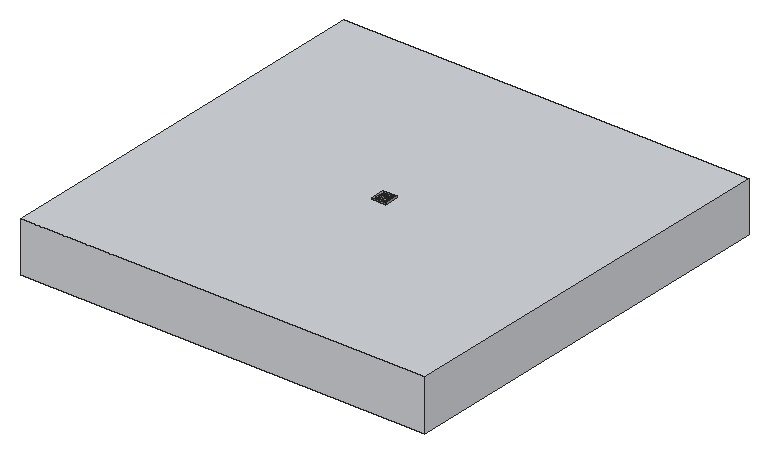
Revit family "Gira_0211 09-0188 005", category Elektroinstallationen, Revit 2018
Family settings
  Basisbauteil = Fläche
  Beschriftungsausrichtung beibehalten = Ja
  Bemaßung runder Anschluss = Durchmesser verwenden
  Teiletyp = Normal
  Beim Laden mit Abzugskörper schneiden = Nein
  Gemeinsam genutzt = Nein
  Raumberechnungspunkt = Nein
Parameters (values of type "Gira SCHUKO-Steckdose, Design E2 Schwarz matt")
  Überspannungsschutz = no
  Werkstoffgüte = "Thermoplast"
  Werkstoff = "Kunststoff"
  Verdrehter Zentraleinsatz = no
  URL = "https://www.gira.de/"
  Typname = "Gira SCHUKO-Steckdose, Design E2 Schwarz matt"
  Type Comments = ""
  Transparent = no
  Tiefe [mm] Number = 9.3
  Textfeld/Beschriftungsfläche = no
  Sonderstromversorgung = "ohne Sonderstromversorgung"
  Schutzleiterkontakt rund = no
  Schutzkontakt = yes
  Produktseite = "https://media.live.bim.site/t/eyJhbGciOiJIUzI1NiIsInR5cCI6IkpXVCJ9.eyJjdCI6MiwidHUiOiJodHRwczovL3d3dy5naXJhLmRlL3Byb2R1a3RlL3NjaGFsdGVycHJvZ3JhbW1lL2dpcmEtZTIiLCJjaWQiOiJmZWQ5OGU5YS0xYmQ4LTRjNjgtYTczYi03NGE5NGUzMTU4MjMiLCJyaWQiOiI1YTRhZmE0ZDc0MWIyZWQzNjFjY2QwMzMzZmExNjhkMCIsInBpZCI6IjgwYzNmOTEyNzA3MGJlYjFmYmIzMzBiMWUyOWFlNGViMWMzMmIyZjciLCJzaWQiOiI2MzQ3MCIsInV0IjoxLCJsYyI6ImRlIiwiaWF0IjoxNjE4ODk5ODEzLCJpc3MiOiJodHRwczovL2FwaS5saXZlLmJpbS5zaXRlIiwic3ViIjoiMTE4NzFhN2MtZjdkYy00NTY3LTk0MDgtZmU5OTg2YWQ2OTAxIn0.TPXp6xmklk4T6w4x50epxg2p61KYfLQF9RPXBP1Lxo0"
  Oberfläche = "sonstige"
  Nennstrom = 16 A
  Nennspannung [Volt] = 250
  Montageart = "Unterputz"
  Model = ""
  Mit erhöhtem Berührungsschutz = no
  Mit eingebauter USB-Spannungsversorgung = no
  Mit Signallampe = no
  Mit Orientierungsbeleuchtung = no
  Mit Klappdeckel = no
  Mit Funktionsbeleuchtung = yes
  Mit Feinsicherung = no
  Mit Ein-/Ausschalter = no
  Mit Durchschleiffunktion = no
  Kosten = 0
  Ist Zubehör = no
  Ist System = no
  Isolierter Einbau = no
  Höhe [mm] Number = 80.8
  Hersteller = "Gira"
  Default Elevation = 1219.2 mm
  Material = Schwarz matt
  HeinzeBIM = "https://www.heinze.de/bim/gira-schuko-steckdose-design-e2-schwarz-matt/80c3f9127070beb1fbb330b1e29ae4eb1c32b2f7"
  Halogenfrei = yes
  HAN = "0211 09 + 0188 005"
  Geeignet für Schutzart (IP) = "IP20"
  GTIN = "4010337036739 + 4010337037491"
  Für "erschwerte Bedingungen" (nach VDE) = no
  Frequenz [Hz] = "[50:50]"
  Fehlerstromschutz = no
  Farbe = "schwarz"
  Datenblatt 5 = "https://media.live.bim.site/t/eyJhbGciOiJIUzI1NiIsInR5cCI6IkpXVCJ9.eyJjdCI6MSwidGYiOiJwdWJsaWMvZ2lyYS8xMTljZWFmLzAxODgwMDUudHh0IiwiY2lkIjoiZmVkOThlOWEtMWJkOC00YzY4LWE3M2ItNzRhOTRlMzE1ODIzIiwicmlkIjoiNWE0YWZhNGQ3NDFiMmVkMzYxY2NkMDMzM2ZhMTY4ZDAiLCJwaWQiOiI4MGMzZjkxMjcwNzBiZWIxZmJiMzMwYjFlMjlhZTRlYjFjMzJiMmY3Iiwic2lkIjoiNjM0NzAiLCJ1dCI6MSwibGMiOiJkZSIsImlhdCI6MTYxODg5OTgxMywiaXNzIjoiaHR0cHM6Ly9hcGkubGl2ZS5iaW0uc2l0ZSIsInN1YiI6IjExODcxYTdjLWY3ZGMtNDU2Ny05NDA4LWZlOTk4NmFkNjkwMSJ9.cdv1vB_aEZ2v5W-NlGDlkOyuqm9arpxM-Te-g6OMM0s/0188005.txt"
  Datenblatt 4 = "https://media.live.bim.site/t/eyJhbGciOiJIUzI1NiIsInR5cCI6IkpXVCJ9.eyJjdCI6MSwidHUiOiJodHRwczovL2thdGFsb2cuZ2lyYS5kZS9kZV9ERS9kb3dubG9hZC5odG1sP2FydGlrZWxucj0wMTg4MDA1IiwiY2lkIjoiZmVkOThlOWEtMWJkOC00YzY4LWE3M2ItNzRhOTRlMzE1ODIzIiwicmlkIjoiNWE0YWZhNGQ3NDFiMmVkMzYxY2NkMDMzM2ZhMTY4ZDAiLCJwaWQiOiI4MGMzZjkxMjcwNzBiZWIxZmJiMzMwYjFlMjlhZTRlYjFjMzJiMmY3Iiwic2lkIjoiNjM0NzAiLCJ1dCI6MSwibGMiOiJkZSIsImlhdCI6MTYxODg5OTgxMywiaXNzIjoiaHR0cHM6Ly9hcGkubGl2ZS5iaW0uc2l0ZSIsInN1YiI6IjExODcxYTdjLWY3ZGMtNDU2Ny05NDA4LWZlOTk4NmFkNjkwMSJ9.7WctB87MHX5OYUSTF88QCWI0V9GXqyCECkjm3MmMuCE"
  Datenblatt 3 = "https://media.live.bim.site/t/eyJhbGciOiJIUzI1NiIsInR5cCI6IkpXVCJ9.eyJjdCI6MSwidGYiOiJwdWJsaWMvZ2lyYS8xMTljZWFmLzAyMTEwOS50eHQiLCJjaWQiOiJmZWQ5OGU5YS0xYmQ4LTRjNjgtYTczYi03NGE5NGUzMTU4MjMiLCJyaWQiOiI1YTRhZmE0ZDc0MWIyZWQzNjFjY2QwMzMzZmExNjhkMCIsInBpZCI6IjgwYzNmOTEyNzA3MGJlYjFmYmIzMzBiMWUyOWFlNGViMWMzMmIyZjciLCJzaWQiOiI2MzQ3MCIsInV0IjoxLCJsYyI6ImRlIiwiaWF0IjoxNjE4ODk5ODEzLCJpc3MiOiJodHRwczovL2FwaS5saXZlLmJpbS5zaXRlIiwic3ViIjoiMTE4NzFhN2MtZjdkYy00NTY3LTk0MDgtZmU5OTg2YWQ2OTAxIn0.y3XIQZYbg-swzPftxLdjKRsaCk5eQbZ3fJXTRgFqc6Y/021109.txt"
  Datenblatt 2 = "https://media.live.bim.site/t/eyJhbGciOiJIUzI1NiIsInR5cCI6IkpXVCJ9.eyJjdCI6MSwidHUiOiJodHRwczovL2thdGFsb2cuZ2lyYS5kZS9kZV9ERS9kb3dubG9hZC5odG1sP2FydGlrZWxucj0wMjExMDkiLCJjaWQiOiJmZWQ5OGU5YS0xYmQ4LTRjNjgtYTczYi03NGE5NGUzMTU4MjMiLCJyaWQiOiI1YTRhZmE0ZDc0MWIyZWQzNjFjY2QwMzMzZmExNjhkMCIsInBpZCI6IjgwYzNmOTEyNzA3MGJlYjFmYmIzMzBiMWUyOWFlNGViMWMzMmIyZjciLCJzaWQiOiI2MzQ3MCIsInV0IjoxLCJsYyI6ImRlIiwiaWF0IjoxNjE4ODk5ODEzLCJpc3MiOiJodHRwczovL2FwaS5saXZlLmJpbS5zaXRlIiwic3ViIjoiMTE4NzFhN2MtZjdkYy00NTY3LTk0MDgtZmU5OTg2YWQ2OTAxIn0.0lFNRjVH2IxSDAaJaNb_CMKBcKosTspi8pqwdTgwxs0"
  Datenblatt 1 = "https://media.live.bim.site/t/eyJhbGciOiJIUzI1NiIsInR5cCI6IkpXVCJ9.eyJjdCI6MSwidHUiOiJodHRwczovL2Rvd25sb2FkLmdpcmEuZGUvZGF0YTMvQlJfR2lyYV9TY2hhbHRlcmRlc2lnbl9GdW5rdGlvbl9ERS5wZGYiLCJjaWQiOiJmZWQ5OGU5YS0xYmQ4LTRjNjgtYTczYi03NGE5NGUzMTU4MjMiLCJyaWQiOiI1YTRhZmE0ZDc0MWIyZWQzNjFjY2QwMzMzZmExNjhkMCIsInBpZCI6IjgwYzNmOTEyNzA3MGJlYjFmYmIzMzBiMWUyOWFlNGViMWMzMmIyZjciLCJzaWQiOiI2MzQ3MCIsInV0IjoxLCJsYyI6ImRlIiwiaWF0IjoxNjE4ODk5ODEzLCJpc3MiOiJodHRwczovL2FwaS5saXZlLmJpbS5zaXRlIiwic3ViIjoiMTE4NzFhN2MtZjdkYy00NTY3LTk0MDgtZmU5OTg2YWQ2OTAxIn0.CXR9mhtO6p6PNk1NYOeq6IXrrI0UkS44SGF6bsb-HEM"
  Datenblatt = "https://media.live.bim.site/t/eyJhbGciOiJIUzI1NiIsInR5cCI6IkpXVCJ9.eyJjdCI6MSwidHUiOiJodHRwczovL2Rvd25sb2FkLmdpcmEuZGUvZGF0YTMvUElfR2lyYV9FMl9TdGVja2JyaWVmLnBkZiIsImNpZCI6ImZlZDk4ZTlhLTFiZDgtNGM2OC1hNzNiLTc0YTk0ZTMxNTgyMyIsInJpZCI6IjVhNGFmYTRkNzQxYjJlZDM2MWNjZDAzMzNmYTE2OGQwIiwicGlkIjoiODBjM2Y5MTI3MDcwYmViMWZiYjMzMGIxZTI5YWU0ZWIxYzMyYjJmNyIsInNpZCI6IjYzNDcwIiwidXQiOjEsImxjIjoiZGUiLCJpYXQiOjE2MTg4OTk4MTMsImlzcyI6Imh0dHBzOi8vYXBpLmxpdmUuYmltLnNpdGUiLCJzdWIiOiIxMTg3MWE3Yy1mN2RjLTQ1NjctOTQwOC1mZTk5ODZhZDY5MDEifQ.HgkO-1MPVEhNS3GCTs0Fk3hkoWb6H98ifMC0bYLCOGs"
  Breite [mm] Number = 80.8
  Beschreibung = "Abdeckrahmen Gira E2 Schwarz matt 1fach + SCHUKO-Steckdose 16 A 250 V~  Schwarz matt  Merkmale:  Bruchsicher.  Hinweise :  Auch für Kanalinstallationen geeignet.  Abdeckrahmen (1- bis 5fach) in Verbindung mit Dichtungsset auch für die Montage wassergeschützt Unterputz IP44 geeignet."
  Befestigungsart = "Krallen-/Schraubbefestigung"
  Assembly Code = ""
  Keynote = ""
  BIMSITE_PRODUCT_ID = "80c3f9127070beb1fbb330b1e29ae4eb1c32b2f7"
  BIM = "https://media.live.bim.site/t/eyJhbGciOiJIUzI1NiIsInR5cCI6IkpXVCJ9.eyJjdCI6MSwidGYiOiJwdWJsaWMvZ2lyYS8xMTljZWFmL0dpcmEgU0NIVUtPLVN0ZWNrZG9zZSwgRGVzaWduIEUyIFNjaHdhcnogbWF0dC5yZmEiLCJjaWQiOiJmZWQ5OGU5YS0xYmQ4LTRjNjgtYTczYi03NGE5NGUzMTU4MjMiLCJyaWQiOiI1YTRhZmE0ZDc0MWIyZWQzNjFjY2QwMzMzZmExNjhkMCIsInBpZCI6IjgwYzNmOTEyNzA3MGJlYjFmYmIzMzBiMWUyOWFlNGViMWMzMmIyZjciLCJzaWQiOiI2MzQ3MCIsInV0Ijo1LCJsYyI6ImRlIiwiaWF0IjoxNjE4ODk5ODEzLCJpc3MiOiJodHRwczovL2FwaS5saXZlLmJpbS5zaXRlIiwic3ViIjoiMTE4NzFhN2MtZjdkYy00NTY3LTk0MDgtZmU5OTg2YWQ2OTAxIn0.NhkxiOq1bMr7cTmzFAtOE7m_bShOhKX9cx91jxLFsH8/Gira SCHUKO-Steckdose, Design E2 Schwarz matt.rfa"
  Auswurfmechanismus = no
  Ausführung der Oberfläche = "matt"
  Ausführung = "Schuko"
  Aufdruck/Kennzeichnung = "ohne Aufdruck"
  Anzahl der Steckdosen schaltbar = 0
  Anzahl der Module (bei Modulbauweise) = 1
  Anzahl der Einheiten = 1
  Antibakterielle Behandlung = no
  Anschlussart = "Steckklemme"
  Abschließbar = no
Reference planes
  plane 1 "Center (Front/Back)": y = 0
  plane 2 "Reference Level 0": z = 0
  plane 3 "Center (Left/Right)": x = 0
  plane 4 "Reference Level 1": z = 8.2
  plane 5: x = 9.5
  plane 6: x = -9.5
  plane 7: x = 9.5
  plane 8: x = -9.5
  plane 9: x = 9.5
  plane 10: x = -9.5
  plane 11: x = 17.5
Forms (mm)
  Extrusion 1, solid
    sketch origin (0, 0, 0) x (1, 0, 0) y (0, 1, 0)
      loop
        line (-1219.2, 1219.2) -> (-1219.2, -1219.2) -> (1219.2, -1219.2) -> (1219.2, 1219.2) -> (-1219.2, 1219.2)
    from 0 to -304.8
  Extrusion 2, solid, material "Schwarz matt" <- "Material", detail levels fine
    sketch origin (0, 0, 0) x (1, 0, 0) y (0, 1, 0)
      loop
        line (40.4, 40.4) -> (-40.4, 40.4) -> (-40.4, -40.4) -> (40.4, -40.4) -> (40.4, 40.4)
      loop
        line (-28.152, 28.1) -> (-28.152, -28.152) -> (28.1, -28.152) -> (28.1, 28.1) -> (-28.152, 28.1)
    from 0 to 9.3
  Extrusion 3, solid, material "Schwarz matt" <- "Material"
    sketch origin (0, 0, 0) x (1, 0, 0) y (0, 1, 0)
      loop
        line (40.4, 40.4) -> (-40.4, 40.4) -> (-40.4, -40.4) -> (40.4, -40.4) -> (40.4, 40.4)
    from 0 to 9.3
  Extrusion 4, solid, material "Schwarz matt" <- "Material", detail levels medium+fine
    sketch origin (0, 0, 2.2) x (1, 0, 0) y (0, 1, 0)
      loop
        line (-35.5, 35.5) -> (-35.5, -35.5) -> (35.5, -35.5) -> (35.5, 35.5) -> (-35.5, 35.5)
    from -2.2 to -3.2
  Extrusion 5, solid, material "Schwarz matt" <- "Material", detail levels medium+fine
    sketch origin (0, 0, 2.2) x (1, 0, 0) y (0, 1, 0)
      loop
        line (-27.5, 27.5) -> (-27.5, -27.5) -> (27.5, -27.5) -> (27.5, 27.5) -> (-27.5, 27.5)
      loop
        circle (0, 0) r 19.2
    from 0 to 8.2
  Extrusion 6, solid, material "Schwarz matt" <- "Material", detail levels fine
    sketch origin (0, 0, 2.2) x (1, 0, 0) y (0, 1, 0)
      loop
        circle (0, 0) r 19.2
      loop
        circle (9.5, 0) r 2.8
      loop
        circle (-9.5, 0) r 2.8
    from 0 to 1
  Extrusion 7, solid, material "Schwarz matt" <- "Material", detail levels fine
    sketch origin (0, 0, 2.2) x (1, 0, 0) y (0, 1, 0)
      loop
        circle (-9.5, 0) r 2.8
      loop
        circle (9.5, 0) r 2.8
    from -2.2 to 0.3
  Extrusion 8, void
    sketch origin (0, 0, 2.2) x (1, 0, 0) y (0, 1, 0)
      loop
        circle (0, 0) r 19.2
      loop
        circle (9.5, 0) r 2.8
      loop
        circle (-9.5, 0) r 2.8
    from 3 to 8.2
  Extrusion 9, solid, material "Schwarz matt" <- "Material", detail levels medium+fine
    sketch origin (0, 0, 2.2) x (1, 0, 0) y (0, 1, 0)
      loop
        circle (-9.5, 0) r 2.8
      loop
        circle (9.5, 0) r 2.8
    from 7.2 to 8.2
  Extrusion 10, solid, material "Schwarz matt" <- "Material", detail levels medium+fine
    sketch origin (0, 0, 2.2) x (1, 0, 0) y (0, 1, 0)
      loop
        line (-20.5, 9) -> (-20.5, -18) -> (20.5, -18) -> (20.5, 9) -> (17.5, 9) -> (3, 21) -> (3, 24) -> (-3, 24) -> (-3, 21) -> (-17.5, 9) -> (-20.5, 9)
    from 0 to -27.5
  Extrusion 11, solid, material "Schwarz matt" <- "Material", detail levels medium+fine
    sketch origin (0, 0, 2.2) x (1, 0, 0) y (0, 1, 0)
      loop
        line (-25, 5.5) -> (-25, -5.5) -> (-24, -5.5) -> (-24, 5.5) -> (-25, 5.5)
    from 0 to -27.5
  Extrusion 12, solid, material "Schwarz matt" <- "Material", detail levels medium+fine
    sketch origin (0, 0, 2.2) x (-1, 0, 0) y (0, -1, 0)
      loop
        line (-25, 5.5) -> (-25, -5.5) -> (-24, -5.5) -> (-24, 5.5) -> (-25, 5.5)
    from 0 to -27.5
  Extrusion 13, solid, material "Schwarz matt" <- "Material", detail levels fine
    sketch origin (0, 0, 2.2) x (1, 0, 0) y (0, 1, 0)
      loop
        line (-28.152, -28.152) -> (28.1, -28.152) -> (28.1, 28.1) -> (-28.152, 28.1) -> (-28.152, -28.152)
      loop
        line (25.7, -25.7) -> (25.7, 25.7) -> (-25.7, 25.7) -> (-25.7, -25.7) -> (25.7, -25.7)
    from 0 to 3
Lines and regions (mm)
  reference lines
    curve 1: line (0, 40.4, 2.2) -> (0, -40.4, 2.2)
Dimensions and locks
  aligned and locked: plane 2 "Reference Level 0" to Extrusion 1
  aligned and locked: level to Extrusion 1
  aligned and locked: plane 3 "Center (Left/Right)" to nested 1
  aligned and locked: plane 1 "Center (Front/Back)" to nested 1
Nested families
  nested 1: "Steckdose 1-fach Beschriftung" at (0, 0, 0), type "Steckdose 1-fach Beschriftung"
Connectors
  electrical at (0, 0, -1)
    settings: on Extrusion 4, index 1, voltage 0 V, apparent load 0 VA, apparent load phase1 0 VA, apparent load phase2 0 VA, apparent load phase3 0 VA, power factor 1, load classification "Sonstige", number of poles 1, system type 31, power factor state 1, is connector primary yes, connector utility no, sub classification motor no, connector description ""
Definition of nested family "Steckdose 1-fach Beschriftung"
  Reference planes
    plane 1: y = 0
    plane 2: x = 0
  Lines and regions (mm)
    detail lines
      curve 1: line (0, 0, 0) -> (0, 2, 0)
      curve 3: line (0, 2, 0) -> (-1, 2, 0)
      curve 4: arc (1, 3, 0) -> (0, 2, 0) -> (-1, 3, 0) r 1
      curve 5: line (0, 2, 0) -> (1, 2, 0)
    reference lines
      curve 2: line (-0.485, 3, 0) -> (2.315, 3, 0)
  Dimensions and locks
    curve 1 to curve 1 = 2 mm
    plane 1 to curve 2 = 3 mm
    curve 3 to curve 3 = 1 mm
